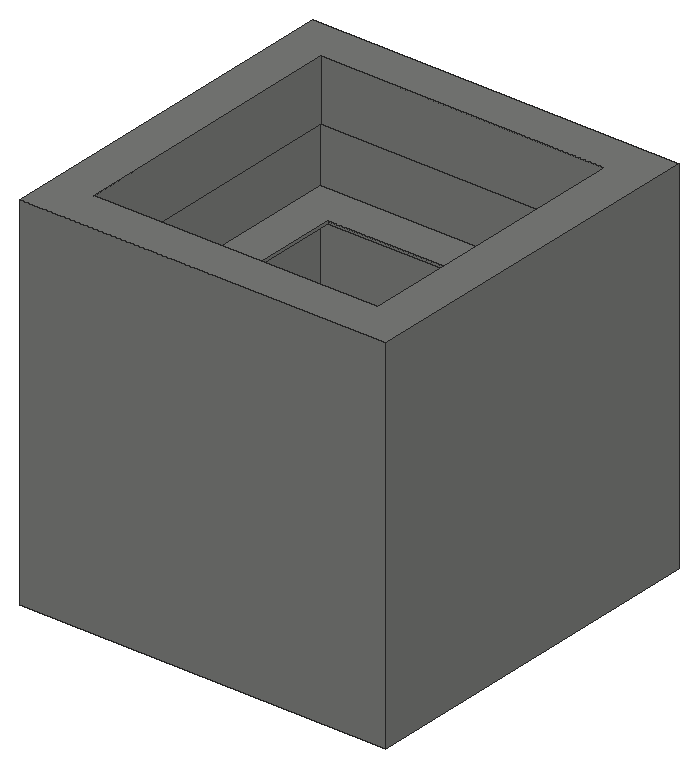
Revit family "Specialty_Equipment-Planter-Planters_Unlimited-Dune-Square-Rectangular-purged", category Specialty Equipment, Revit 2023
Family settings
  Round Connector Dimension = Use Diameter
  Part Type = Normal
  OmniClass Number = 23.40.05.21.17
  OmniClass Title = Planters
  Work Plane-Based = No
  Enable Cutting in Views = Yes
  Always vertical = Yes
  Cut with Voids When Loaded = No
  Maintain Annotation Orientation = No
  Shared = No
  Room Calculation Point = No
Parameters (values of type "Default - Load Type Catalog")
  Stiffeners Horizontal = yes
  Square Planter = not(Rectangle Planter)  # yes
  Corner Support Visibility by Length = if(CD_Requested Length > 40", 1 = 1, 1 = 0)  # no
  Corner Support = if(and(Square Planter, Corner Support Visibility by Length), 1 = 1, 1 = 0)  # no
  Center Divider = if(and(Rectangle Planter, Center Divider Visibility by Length), 1 = 1, 1 = 0)  # no
  CD_Width Min = 12"
  CD_Width Max = 72"
  CD_Width = if(CD_Requested Width < CD_Width Min, CD_Width Min, if(CD_Requested Width > CD_Width Max, CD_Width Max, CD_Requested Width))  # 18"
  CD_Requested Width Bottom = CD_Width / 1.5  # 12"
  CD_Requested Width = 18"
  URL = "https://www.plantersunlimited.com"
  Type Comments = "Rectangular/Square Planter"  # constant formula
  Model = "Dune Series Planters"  # constant formula
  Material = Fiberstone-Carlsbad-Charcoal
  Manufacturer = "Planters Unlimited"  # constant formula
  CD_Requested Length Bottom = CD_Length / 1.5  # 12"
  CD_Requested Length = 18"
  CD_Requested Height = 18"
  Description = "Modular Planting Bed"  # constant formula
  Default Elevation = 0"
  Center Divider Visibility by Length = if(CD_Requested Length > 50", 1 = 1, 1 = 0)  # no
  CD_Specification = "https://www.plantersunlimited.com/content/Planters/C19-DUN-S.pdf"
  CD_Product Page URL = "https://www.plantersunlimited.com/dune-planters/?searchid=115803"
  CD_Product Name = "Dune Planter"  # constant formula
  CD_Offset = 0"
  CD_Microsite = ""
  CD_Length Min = 18"
  CD_Length Max = 120"
  CD_Length = if(CD_Requested Length < CD_Length Min, CD_Length Min, if(CD_Requested Length > CD_Length Max, CD_Length Max, CD_Requested Length))  # 18"
  CD_Height Min = 18"
  CD_Height Max = 60"
  CD_Height = if(CD_Requested Height < CD_Height Min, CD_Height Min, if(CD_Requested Height > CD_Height Max, CD_Height Max, CD_Requested Height))  # 18"
  Assembly Code = "G2050600"
  Rectangle Planter = if(CD_Length / CD_Width = 1, 1 = 0, 1 = 1)  # no
Reference planes (in)
  plane 1 "Center (Front/Back)": y = 0
  plane 2 "Bottom": z = 0
  plane 3 "Center (Left/Right)": x = 0
  plane 4 "Back": y = 9
  plane 5 "Front": y = -9
  plane 6 "Left": x = -9
  plane 7 "Right": x = 9
  plane 8 "Top": z = 18
  plane 9 "Top of Pads": z = 0.125
  plane 10: z = 0
  plane 11 "Back Bottom": y = 6
  plane 12 "Front Bottom": y = -6
  plane 13 "Left Bottom": x = -6
  plane 14 "Right Bottom": x = 6
  plane 15 "Width Left": x = -7.25
  plane 16 "Width Right": x = 7.25
  plane 17 "Width Back": y = 7.25
  plane 18 "Width Front": y = -7.25
  plane 19 "Width Left Bottom": x = -4.25
  plane 20 "Width Right Bottom": x = 4.25
  plane 21 "Width Front Bottom": y = -4.25
  plane 22 "Width Back Bottom": y = 4.25
  plane 23 "Opening Bottom": z = 2.125
  plane 24 "Trim Left": x = -7
  plane 25 "Trim Right": x = 7
  plane 26 "Trim Back": y = 7
  plane 27 "Trim Front": y = -7
  plane 28 "Trim Depth": z = 15
  plane 29 "Stiffener Bottom": z = 6
  plane 30 "Stiffener Top": z = 12
  plane 31 "Extrusion Front": y = -8.75
  plane 32 "Extrusion Back": y = 8.75
  plane 33 "Extrusion Right": x = 8.75
  plane 34 "Depth of Extrusion South36": x = -8.75
Forms (in)
  Blend 1, solid, material "Fiberstone-Carlsbad-Charcoal" <- "Material", detail levels fine
    base sketch origin (0, 0, 0) x (1, 0, 0) y (0, 1, 0)
      loop
        line (-9, 9) -> (-9, -9) -> (9, -9) -> (9, 9) -> (-9, 9)
    top sketch origin (0, 0, 0) x (1, 0, 0) y (0, 1, 0)
      loop
        line (-9, 9) -> (-9, -9) -> (9, -9) -> (9, 9) -> (-9, 9)
    from 0.125 to 18
  Blend 2, void
    base sketch origin (0, 0.08407, 0) x (1, 0, 0) y (0, 1, 0)
      loop
        line (-7.25, 7.16593) -> (-7.25, -7.33407) -> (7.25, -7.33407) -> (7.25, 7.16593) -> (-7.25, 7.16593)
    top sketch origin (0, 0.08407, 0) x (1, 0, 0) y (0, 1, 0)
      loop
        line (-7.25, 7.16593) -> (-7.25, -7.33407) -> (7.25, -7.33407) -> (7.25, 7.16593) -> (-7.25, 7.16593)
    from 2.125 to 18
  Sweep 3, solid, material "Fiberstone-Carlsbad-Charcoal" <- "Material", detail levels fine
    path origin (0, 0, 0) x (1, 0, 0) y (0, 1, 0)
      loop
        line (-7.25, 7.25) -> (-7.25, -7.25) -> (7.25, -7.25) -> (7.25, 7.25) -> (-7.25, 7.25)
    profile origin (0, 7.25, 0) x (0, 1, 0) y (0, 0, 1)
      loop
        line (0, 18) -> (-0.25, 18) -> (-0.25, 15) -> (0, 15) -> (0, 18)
  Extrusion 4, solid, material "Fiberstone-Carlsbad-Charcoal" <- "Material", visible <- "Square Planter", detail levels fine
    sketch origin (0, 0, 0) x (1, 0, 0) y (0, 1, 0)
      loop
        line (-8, 8) -> (-8, 5) -> (-5, 5) -> (-5, 8) -> (-8, 8)
      loop
        line (8, 8) -> (5, 8) -> (5, 5) -> (8, 5) -> (8, 8)
      loop
        line (-8, -8) -> (-5, -8) -> (-5, -5) -> (-8, -5) -> (-8, -8)
      loop
        line (8, -8) -> (8, -5) -> (5, -5) -> (5, -8) -> (8, -8)
    from 0 to 0.125
  Extrusion 5, solid, material "Fiberstone-Carlsbad-Charcoal" <- "Material", visible <- "Center Divider"
    sketch origin (0, 0, 0) x (1, 0, 0) y (0, 1, 0)
      loop
        line (-0.22748, 7.25) -> (-0.22748, -7.25) -> (0.22748, -7.25) -> (0.22748, 7.25) -> (-0.22748, 7.25)
    from 6 to 12
  Blend 6, solid, material "Fiberstone-Carlsbad-Charcoal" <- "Material", detail levels coarse
    base sketch origin (0, 0, 0) x (1, 0, 0) y (0, 1, 0)
      loop
        line (-9, 9) -> (-9, -9) -> (9, -9) -> (9, 9) -> (-9, 9)
    top sketch origin (0, 0, 0) x (1, 0, 0) y (0, 1, 0)
      loop
        line (-9, 9) -> (-9, -9) -> (9, -9) -> (9, 9) -> (-9, 9)
    from 0 to 18
  Sweep 7, solid, material "Fiberstone-Carlsbad-Charcoal" <- "Material", detail levels coarse
    path origin (0, 0, 0) x (1, 0, 0) y (0, 1, 0)
      loop
        line (-7.25, 7.25) -> (-7.25, -7.25) -> (7.25, -7.25) -> (7.25, 7.25) -> (-7.25, 7.25)
    profile origin (0, 7.25, 0) x (0, 1, 0) y (0, 0, 1)
      loop
        line (0, 18) -> (-0.25, 18) -> (-0.25, 15) -> (0, 15) -> (0, 18)
  Blend 8, solid, material "Fiberstone-Carlsbad-Charcoal" <- "Material", detail levels medium
    base sketch origin (0, 0, 0) x (1, 0, 0) y (0, 1, 0)
      loop
        line (-9, 9) -> (-9, -9) -> (9, -9) -> (9, 9) -> (-9, 9)
    top sketch origin (0, 0, 0) x (1, 0, 0) y (0, 1, 0)
      loop
        line (-9, 9) -> (-9, -9) -> (9, -9) -> (9, 9) -> (-9, 9)
    from 0 to 18
  Sweep 9, solid, material "Fiberstone-Carlsbad-Charcoal" <- "Material", detail levels medium
    path origin (0, 0, 0) x (1, 0, 0) y (0, 1, 0)
      loop
        line (-7.25, 7.25) -> (-7.25, -7.25) -> (7.25, -7.25) -> (7.25, 7.25) -> (-7.25, 7.25)
    profile origin (0, 7.25, 0) x (0, 1, 0) y (0, 0, 1)
      loop
        line (0, 18) -> (-0.25, 18) -> (-0.25, 15) -> (0, 15) -> (0, 18)
  Extrusion 10, solid, material "Fiberstone-Carlsbad-Charcoal" <- "Material", visible <- "Stiffeners Horizontal"
    sketch origin (0, 0, 0) x (1, 0, 0) y (0, 1, 0)
      loop
        line (-7.25, 7.25) -> (-7.25, -7.25) -> (7.25, -7.25) -> (7.25, 7.25) -> (-7.25, 7.25)
      loop
        line (-5.25, 5.25) -> (-5.25, -5.25) -> (5.25, -5.25) -> (5.25, 5.25) -> (-5.25, 5.25)
    from 12 to 12.12998
  Extrusion 11, solid, material "Fiberstone-Carlsbad-Charcoal" <- "Material", visible <- "Stiffeners Horizontal"
    sketch origin (0, 0, 0) x (1, 0, 0) y (0, 1, 0)
      loop
        line (-7.25, 7.25) -> (-7.25, -7.25) -> (7.25, -7.25) -> (7.25, 7.25) -> (-7.25, 7.25)
      loop
        line (-5.25, 5.25) -> (-5.25, -5.25) -> (5.25, -5.25) -> (5.25, 5.25) -> (-5.25, 5.25)
    from 6 to 6.12998
  Extrusion 12, solid, material "Fiberstone-Carlsbad-Charcoal" <- "Material", visible <- "Rectangle Planter", detail levels fine
    sketch origin (0, 0, 0) x (1, 0, 0) y (0, 1, 0)
      loop
        line (-8, 8) -> (-8, 5) -> (-5, 5) -> (-5, 8) -> (-8, 8)
      loop
        line (8, 8) -> (5, 8) -> (5, 5) -> (8, 5) -> (8, 8)
      loop
        line (-8, -8) -> (-5, -8) -> (-5, -5) -> (-8, -5) -> (-8, -8)
      loop
        line (8, -8) -> (8, -5) -> (5, -5) -> (5, -8) -> (8, -8)
      loop
        line (-4.75, 8) -> (-4.75, 5) -> (-1.75, 5) -> (-1.75, 8) -> (-4.75, 8)
      loop
        line (1.75, 8) -> (1.75, 5) -> (4.75, 5) -> (4.75, 8) -> (1.75, 8)
      loop
        line (-4.75, -8) -> (-1.75, -8) -> (-1.75, -5) -> (-4.75, -5) -> (-4.75, -8)
      loop
        line (1.75, -8) -> (4.75, -8) -> (4.75, -5) -> (1.75, -5) -> (1.75, -8)
      loop
        line (-1.5, 7) -> (-1.5, 4) -> (1.5, 4) -> (1.5, 7) -> (-1.5, 7)
      loop
        line (-1.5, -5) -> (-1.5, -8) -> (1.5, -8) -> (1.5, -5) -> (-1.5, -5)
    from 0 to 0.125
  Extrusion 13, solid, material "Fiberstone-Carlsbad-Charcoal" <- "Material", visible <- "Corner Support"
    sketch origin (0, 0, 0) x (1, 0, 0) y (0, 1, 0)
      loop
        line (6, -7.25) -> (7.25, -6) -> (7.25, -5.5) -> (5.5, -7.25) -> (6, -7.25)
    from 2.125 to 15
  Extrusion 14, solid, material "Fiberstone-Carlsbad-Charcoal" <- "Material", visible <- "Corner Support"
    sketch origin (0, 0, 0) x (-1, 0, 0) y (0, -1, 0)
      loop
        line (6, 7.25) -> (5.5, 7.25) -> (7.25, 5.5) -> (7.25, 6) -> (6, 7.25)
    from 2.125 to 15
  Extrusion 15, solid, material "Fiberstone-Carlsbad-Charcoal" <- "Material", visible <- "Corner Support"
    sketch origin (0, 0, 0) x (1, 0, 0) y (0, 1, 0)
      loop
        line (6, 7.25) -> (5.5, 7.25) -> (7.25, 5.5) -> (7.25, 6) -> (6, 7.25)
    from 2.125 to 15
  Extrusion 16, solid, material "Fiberstone-Carlsbad-Charcoal" <- "Material", visible <- "Corner Support"
    sketch origin (0, 0, 0) x (-1, 0, 0) y (0, -1, 0)
      loop
        line (6, -7.25) -> (7.25, -6) -> (7.25, -5.5) -> (5.5, -7.25) -> (6, -7.25)
    from 2.125 to 15
Cuts and joins
  Blend 2 cuts Blend 1
  joined: Blend 1, Sweep 3
  Blend 2 cuts Blend 6
  joined: Blend 6, Sweep 7
  Blend 2 cuts Blend 8
  joined: Blend 8, Sweep 9
Dimensions and locks (in)
  equal spacing: plane 6 "Left", plane 3 "Center (Left/Right)", plane 7 "Right"
  "CD_Length": plane 6 "Left" to plane 7 "Right"
  equal spacing: plane 4 "Back", plane 1 "Center (Front/Back)", plane 5 "Front"
  "CD_Width": plane 5 "Front" to plane 4 "Back"
  equal spacing: plane 13 "Left Bottom", plane 3 "Center (Left/Right)", plane 14 "Right Bottom"
  equal spacing: plane 11 "Back Bottom", plane 1 "Center (Front/Back)", plane 12 "Front Bottom"
  "CD_Requested Length Bottom": plane 13 "Left Bottom" to plane 14 "Right Bottom"
  "CD_Requested Width Bottom": plane 11 "Back Bottom" to plane 12 "Front Bottom"
  locked: plane 4 "Back" to plane 17 "Width Back" at 1.75
  locked: plane 5 "Front" to plane 18 "Width Front" at 1.75
  locked: plane 6 "Left" to plane 15 "Width Left" at 1.75
  locked: plane 16 "Width Right" to plane 7 "Right" at 1.75
  locked: plane 11 "Back Bottom" to plane 22 "Width Back Bottom" at 1.75
  locked: plane 12 "Front Bottom" to plane 21 "Width Front Bottom" at 1.75
  locked: plane 13 "Left Bottom" to plane 19 "Width Left Bottom" at 1.75
  locked: plane 20 "Width Right Bottom" to plane 14 "Right Bottom" at 1.75
  locked: plane 23 "Opening Bottom" to plane 9 "Top of Pads" at 2
  locked: plane 6 "Left" to plane 24 "Trim Left" at 2
  locked: plane 25 "Trim Right" to plane 7 "Right" at 2
  locked: plane 4 "Back" to plane 26 "Trim Back" at 2
  locked: plane 5 "Front" to plane 27 "Trim Front" at 2
  locked: plane 8 "Top" to plane 28 "Trim Depth" at 3
  locked: plane 9 "Top of Pads" to plane 2 "Bottom" at 0.125
  "CD_Offset": plane 2 "Bottom" to level
  "CD_Height": plane 8 "Top" to plane 2 "Bottom"
  locked: Extrusion 4 sketch curve to Extrusion 4 sketch curve at 3  (x7)
  locked: Extrusion 4 sketch curve to plane 4 "Back" at 1  (x2)
  locked: plane 6 "Left" to Extrusion 4 sketch curve at 1  (x2)
  locked: Extrusion 4 sketch curve to plane 7 "Right" at 1  (x2)
  locked: plane 5 "Front" to Extrusion 4 sketch curve at 1  (x2)
  equal spacing: Extrusion 5 sketch curve, plane 3 "Center (Left/Right)", Extrusion 5 sketch curve
  locked: Extrusion 5 sketch curve to Extrusion 5 sketch curve at 0.45496
  locked: Sweep 7 sketch curve to Sweep 7 sketch curve at 0.25
  locked: Sweep 7 sketch curve to Sweep 7 sketch curve at 3
  locked: Sweep 3 sketch curve to Sweep 3 sketch curve at 3
  locked: Sweep 9 sketch curve to Sweep 9 sketch curve at 0.25
  equal spacing: plane 8 "Top", plane 30 "Stiffener Top", plane 29 "Stiffener Bottom", plane 2 "Bottom"
  locked: Extrusion 10 to Extrusion 10 at 0.12998
  locked: Extrusion 10 sketch curve to Extrusion 10 sketch curve at 2  (x4)
  locked: Extrusion 11 sketch curve to Extrusion 11 sketch curve at 2  (x4)
  locked: Extrusion 11 to plane 29 "Stiffener Bottom" at 0.12998
  locked: plane 31 "Extrusion Front" to plane 5 "Front" at 0.25
  locked: plane 4 "Back" to plane 32 "Extrusion Back" at 0.25
  locked: plane 7 "Right" to plane 33 "Extrusion Right" at 0.25
  locked: plane 6 "Left" to plane 34 "Depth of Extrusion South36" at 0.25
  cut or joined group of Blend 2, Blend 8, Sweep 9 to plane 9 "Top of Pads" = 2"
  locked: plane 9 "Top of Pads" to cut or joined group of Blend 2, Blend 8, Sweep 9 at 2
  locked: Extrusion 12 sketch curve to Extrusion 12 sketch curve at 3  (x20)
  locked: Extrusion 12 sketch curve to plane 4 "Back" at 1
  locked: plane 6 "Left" to Extrusion 4 at 1  (x2)
  locked: Extrusion 4 to plane 7 "Right" at 1
  locked: plane 6 "Left" to Extrusion 12 sketch curve at 1
  locked: Extrusion 12 sketch curve to plane 7 "Right" at 1
  plane 5 "Front" to Extrusion 4 = 1"
  locked: plane 5 "Front" to Extrusion 12 sketch curve at 1
  locked: Extrusion 13 sketch curve to Extrusion 13 sketch curve at 0.35355
  locked: Extrusion 14 sketch curve to Extrusion 14 sketch curve at 0.35355
  Extrusion 15 sketch curve to Extrusion 15 sketch curve = 0.35355"
  Extrusion 16 sketch curve to Extrusion 16 sketch curve = 0.35355"
  equal spacing: Extrusion 12 sketch curve, Extrusion 12 sketch curve, Extrusion 12 sketch curve  (x2)
  equal spacing: Extrusion 12 sketch curve, plane 3 "Center (Left/Right)", Extrusion 12 sketch curve  (x2)
  aligned and locked: Blend 1 sketch curve to plane 4 "Back"  (x2)
  aligned and locked: plane 6 "Left" to Blend 1 sketch curve  (x2)
  aligned and locked: Blend 1 sketch curve to plane 5 "Front"  (x2)
  aligned and locked: plane 7 "Right" to Blend 1 sketch curve  (x2)
  aligned and locked: plane 8 "Top" to Blend 1
  aligned and locked: Blend 1 to plane 9 "Top of Pads"
  aligned and locked: Blend 2 sketch curve to plane 17 "Width Back"  (x2)
  aligned and locked: plane 15 "Width Left" to Blend 2 sketch curve  (x2)
  aligned and locked: Blend 2 sketch curve to plane 18 "Width Front"  (x2)
  aligned and locked: plane 16 "Width Right" to Blend 2 sketch curve  (x2)
  aligned and locked: Blend 2 to plane 23 "Opening Bottom"
  aligned and locked: plane 8 "Top" to Blend 2
  aligned and locked: plane 8 "Top" to Sweep 3
  aligned and locked: Sweep 3 to plane 28 "Trim Depth"
  aligned and locked: plane 9 "Top of Pads" to Extrusion 4
  aligned and locked: Extrusion 4 to plane 2 "Bottom"
  aligned and locked: plane 8 "Top" to cut or joined group of Blend 1, Blend 2, Sweep 3
  aligned and locked: cut or joined group of Blend 1, Blend 2, Sweep 3 to plane 28 "Trim Depth"
  aligned and locked: cut or joined group of Blend 1, Blend 2, Sweep 3 to plane 26 "Trim Back"
  aligned and locked: cut or joined group of Blend 1, Blend 2, Sweep 3 to plane 27 "Trim Front"
  aligned and locked: plane 18 "Width Front" to Extrusion 5
  aligned and locked: cut or joined group of Blend 1, Blend 2, Sweep 3 to Extrusion 5
  aligned and locked: plane 17 "Width Back" to Extrusion 5
  aligned and locked: Blend 6 to plane 2 "Bottom"
  aligned and locked: plane 8 "Top" to Blend 6
  aligned and locked: plane 6 "Left" to Blend 6 sketch curve  (x2)
  aligned and locked: Blend 6 sketch curve to plane 4 "Back"  (x2)
  aligned and locked: plane 7 "Right" to Blend 6 sketch curve  (x2)
  aligned and locked: Blend 6 sketch curve to plane 5 "Front"  (x2)
  aligned and locked: plane 15 "Width Left" to Sweep 7 sketch curve
  aligned and locked: Sweep 7 sketch curve to plane 17 "Width Back"
  aligned and locked: plane 16 "Width Right" to Sweep 7 sketch curve
  aligned and locked: Sweep 7 sketch curve to plane 18 "Width Front"
  aligned and locked: plane 17 "Width Back" to Sweep 7 sketch curve
  aligned and locked: cut or joined group of Blend 2, Blend 6, Sweep 7 to plane 28 "Trim Depth"
  aligned and locked: plane 8 "Top" to cut or joined group of Blend 2, Blend 6, Sweep 7  (x2)
  aligned and locked: Blend 1 to Blend 2
  aligned and locked: Blend 8 to plane 2 "Bottom"
  aligned and locked: plane 8 "Top" to Sweep 9  (x3)
  aligned and locked: Sweep 9 to plane 28 "Trim Depth"  (x2)
  aligned and locked: plane 15 "Width Left" to Sweep 3 sketch curve
  aligned and locked: Sweep 3 sketch curve to plane 17 "Width Back"
  aligned and locked: plane 16 "Width Right" to Sweep 3 sketch curve
  aligned and locked: Sweep 3 sketch curve to plane 18 "Width Front"
  aligned and locked: plane 17 "Width Back" to Sweep 3 sketch curve
  aligned and locked: plane 8 "Top" to Blend 8
  aligned and locked: plane 6 "Left" to Blend 8 sketch curve  (x2)
  aligned and locked: Blend 8 sketch curve to plane 4 "Back"  (x2)
  aligned and locked: plane 7 "Right" to Blend 8 sketch curve  (x2)
  aligned and locked: Blend 8 sketch curve to plane 5 "Front"  (x2)
  aligned and locked: Extrusion 10 to plane 30 "Stiffener Top"
  aligned and locked: plane 16 "Width Right" to Extrusion 10 sketch curve
  aligned and locked: Extrusion 10 sketch curve to plane 17 "Width Back"
  aligned and locked: Extrusion 11 to plane 29 "Stiffener Bottom"
  aligned and locked: Extrusion 5 to plane 29 "Stiffener Bottom"
  aligned and locked: plane 30 "Stiffener Top" to Extrusion 5
  aligned and locked: plane 9 "Top of Pads" to Extrusion 12
  aligned and locked: Extrusion 12 to plane 2 "Bottom"
  aligned and locked: Extrusion 12 sketch curve to Extrusion 4
  aligned and locked: Extrusion 4 to Extrusion 12 sketch curve
  aligned and locked: Extrusion 12 sketch curve to Extrusion 12 sketch curve  (x8)
  aligned and locked: plane 17 "Width Back" to Extrusion 11
  aligned and locked: plane 18 "Width Front" to Extrusion 11
  aligned and locked: Extrusion 13 sketch curve to plane 16 "Width Right"
  aligned and locked: plane 18 "Width Front" to Extrusion 13 sketch curve
  aligned and locked: cut or joined group of Blend 1, Blend 2, Sweep 3 to Extrusion 13
  aligned and locked: Extrusion 13 to cut or joined group of Blend 1, Blend 2, Sweep 3
  aligned and locked: plane 15 "Width Left" to Extrusion 14 sketch curve
  aligned and locked: Extrusion 14 sketch curve to plane 18 "Width Front"
  aligned and locked: Extrusion 14 to cut or joined group of Blend 1, Blend 2, Sweep 3  (x2)
  aligned and locked: plane 16 "Width Right" to Extrusion 15 sketch curve
  aligned and locked: Extrusion 15 sketch curve to plane 17 "Width Back"
  aligned and locked: cut or joined group of Blend 1, Blend 2, Sweep 3 to Extrusion 15
  aligned and locked: Extrusion 15 to cut or joined group of Blend 1, Blend 2, Sweep 3
  aligned and locked: Extrusion 16 sketch curve to plane 15 "Width Left"
  aligned and locked: plane 17 "Width Back" to Extrusion 16 sketch curve
  aligned and locked: Extrusion 16 to cut or joined group of Blend 1, Blend 2, Sweep 3  (x2)
Automatic sketch dimensions
  Extrusion 13 sketch curve to plane 14 "Right Bottom" = 0"
  plane 12 "Front Bottom" to Extrusion 13 sketch curve = 0"
  Extrusion 14 sketch curve to plane 13 "Left Bottom" = 0"
  plane 12 "Front Bottom" to Extrusion 14 sketch curve = 0"
  Extrusion 15 sketch curve to plane 14 "Right Bottom" = 0"
  Extrusion 15 sketch curve to plane 11 "Back Bottom" = 0"
  Extrusion 16 sketch curve to plane 13 "Left Bottom" = 0"
  Extrusion 16 sketch curve to plane 11 "Back Bottom" = 0"
  profile plane to Sweep 3 sketch curve = 1/4"
  level to Sweep 3 sketch curve = 15"
  plane 18 "Width Front" to Extrusion 5 sketch curve = 0"
  Extrusion 5 sketch curve to plane 17 "Width Back" = 0"
  level to Sweep 7 sketch curve = 15"
  Sweep 9 sketch curve to plane 15 "Width Left" = 0"
  Sweep 9 sketch curve to plane 16 "Width Right" = 0"
  plane 18 "Width Front" to Sweep 9 sketch curve = 0"
  Sweep 9 sketch curve to plane 17 "Width Back" = 0"
  Sweep 9 sketch curve to profile plane = 0"
  level to Sweep 9 sketch curve = 15"
  Sweep 9 sketch curve to Sweep 9 sketch curve = 3"
  Extrusion 10 sketch curve to plane 15 "Width Left" = 0"
  plane 18 "Width Front" to Extrusion 10 sketch curve = 0"
  Extrusion 11 sketch curve to plane 15 "Width Left" = 0"
  plane 22 "Width Back Bottom" to Extrusion 11 sketch curve = 1"
  plane 21 "Width Front Bottom" to Extrusion 11 sketch curve = 1"
  Extrusion 11 sketch curve to plane 16 "Width Right" = 0"
  Extrusion 12 sketch curve to plane 15 "Width Left" = 3/4"
  Extrusion 12 sketch curve to plane 22 "Width Back Bottom" = 1/4"
  plane 22 "Width Back Bottom" to Extrusion 4 sketch curve = 3/4"
